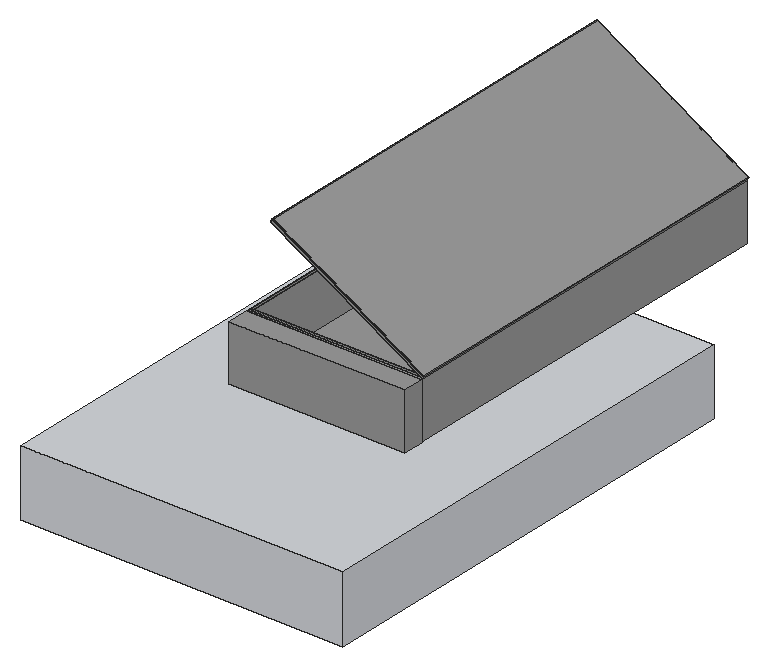
Revit family "Hager-Univers-IP55-D275-H1950-Cl.II-Steel_encl-BE-en", category Equipement électrique, Revit 2020
Family settings
  Hôte = Face
  Configuration du panneau = Deux colonnes, circuits au sein
  Cote de connecteur circulaire = Utiliser le diamètre
  Type d'élément = Tableau de raccordement
  Couper avec des vides une fois chargée = Non
  Partagée = Non
  Point de calcul de pièce = Non
Parameters (values of type "Floor installation IP55 W800 H1950 D275  - FR23S1")
  Width Control [instance] = if([EF000008 - Width] > Min Width, [EF000008 - Width], Min Width)  # 800 mm
  Commentaires du type = [HG000003 - Range]  # "Univers"
  Thickness Door [instance] = if([EF009171 - Material plate thickness door/cover] > 3 mm, 3 mm, [EF009171 - Material plate thickness door/cover])  # 1.5 mm
  Seal Frame Offset [instance] = 17 mm  # constant formula
  Plinth Visibility [instance] = [HG000027 - Plinth height] > 0 mm  # yes
  Model = ""
  Min Width [instance] = 100 mm  # constant formula
  Min Height [instance] = 100 mm  # constant formula
  Min Depth [instance] = (2 * [EF009170 - Material plate thickness cabinet]) + 1 mm  # 4 mm
  Internal Frame Depth [instance] = (Door System Depth * 0.5)  # 9 mm
  Height Control [instance] = if([EF000040 - Height] > Min Height, [EF000040 - Height], Min Height)  # 1950 mm
  HG000027 - Plinth height = 100 mm
  HG000026 - Floor standing = yes
  HG000024 - Bottom section height = 800 mm
  HG000023 - Double section enclosure = no
  HG000016 - Door 3d visibility [instance] = yes
  HG000015 - Clearance visibility [instance] = no
  HG000014 - Door on the right [instance] = yes
  HG000013 - Door on the left [instance] = not([HG000014 - Door on the right])  # no
  HG000012 - Door swing angle [instance] = 30.00°
  HG000010 - Asymmetric doors = no
  HG000009 - Double swing door = no
  HG000006 - Flush mounted = no
  HG000004 - Manufacturer reference = "FR23S1"
  HG000003 - Range = "Univers"
  HG000002 - With door or cover = yes
  Frame Offset Bottom [instance] = 10 mm  # constant formula
  Frame Offset [instance] = 15 mm  # constant formula
  EF015940 - Cover with overpressure release = no
  EF011959 - Degree of protection (NEMA) = ""
  EF009554 - Number of openings for flange plates = 6
  EF009212 - Cover model = "EV000116 - Closed"
  EF009171 - Material plate thickness door/cover = 1.5 mm
  EF009170 - Material plate thickness cabinet = 1.5 mm
  Fabricant = "Hager"  # constant formula
  EF008873 - Nominal current (In) = 800 A
  EF007800 - Suitable for lightning protection = no
  EF006306 - With lock = no
  EF006244 - Transparent cover/door = no
  EF005474 - Degree of protection (IP) = "EV006420 - IP55"
  EF004464 - Type of door = "EV002646 - Single"
  EF004427 - Number of modules = 432
  EF004293 - Impact strength = "EV008784 - IK10"
  EF003532 - Suitable for outdoor use = no
  EF002950 - Width in number of modular spacings = 24
  EF001613 - Circuit integrity = "EV000494 - None"
  EF001596 - Material housing = "EV000179 - Steel"
  EF001131 - Internal depth = 275 mm
  EF001088 - Extension possible = yes
  EF000437 - Number of conduit inlets = 6
  EF000339 - Type of cover = "EV004216 - Door"
  EF000266 - Number of rows = 12
  EF000218 - Built-in depth = 0 mm
  EF000118 - With mounting plate = no
  EF000116 - RAL-number = "7035"
  EF000049 - Depth = 275 mm
  EF000040 - Height = 1950 mm
  EF000008 - Width = 800 mm
  EF000007 - Colour = "EV000270 - Grey"
  EF000003 - Mounting method = "EV012274 - Floor installation"
  Door System Leaf Tolerance [instance] = 1.5 mm  # constant formula
  Door System Depth [instance] = 18 mm  # constant formula
  Door Height [instance] = Height Control - [HG000027 - Plinth height]  # 1850 mm
  Depth Control [instance] = if([EF000049 - Depth] > Min Depth, [EF000049 - Depth], Min Depth)  # 275 mm
  Default Elevation = 0 mm
  Connector Offset [instance] = Height Control / 2  # 975 mm
  Bottom Top Plate Trim [instance] = 1.5 mm  # constant formula
  Plinth height Ctrl [instance] = if([HG000027 - Plinth height] > 0 mm, [HG000027 - Plinth height], 12 mm)  # 100 mm
Types (11, lengths in mm): name | Width Control | HG000010 - Asymmetric doors | HG000009 - Double swing door | HG000004 - Manufacturer reference | EF009554 - Number of openings for flange plates | EF006244 - Transparent cover/door | EF004464 - Type of door | EF004427 - Number of modules | EF000437 - Number of conduit inlets | EF000008 - Width
  Floor installation IP55 W1050 H1950 D275  - FR24L1 | 1050 | yes | yes | "FR24L1" | 8 | yes | "EV003602 - Double" | 576 | 8 | 1050
  Floor installation IP55 W1050 H1950 D275  - FR24S1 | 1050 | yes | yes | "FR24S1" | 8 | no | "EV003602 - Double" | 576 | 8 | 1050
  Floor installation IP55 W1300 H1950 D275  - FR25L1 | 1300 | yes | yes | "FR25L1" | 10 | yes | "EV003602 - Double" | 720 | 10 | 1300
  Floor installation IP55 W1300 H1950 D275  - FR25S1 | 1300 | yes | yes | "FR25S1" | 10 | no | "EV003602 - Double" | 720 | 10 | 1300
  Floor installation IP55 W1550 H1950 D275  - FR26L1 | 1550 | yes | yes | "FR26L1" | 12 | yes | "EV003602 - Double" | 864 | 12 | 1550
  Floor installation IP55 W1550 H1950 D275  - FR26S1 | 1550 | yes | yes | "FR26S1" | 12 | no | "EV003602 - Double" | 864 | 12 | 1550
  Floor installation IP55 W300 H1950 D275  - FR21S1 | 300 | no | no | "FR21S1" | 2 | no | "EV002646 - Single" | 144 | 2 | 300
  Floor installation IP55 W550 H1950 D275  - FR22L1 | 550 | no | no | "FR22L1" | 4 | yes | "EV002646 - Single" | 288 | 4 | 550
  Floor installation IP55 W550 H1950 D275  - FR22S1 | 550 | no | no | "FR22S1" | 4 | no | "EV002646 - Single" | 288 | 4 | 550
  Floor installation IP55 W800 H1950 D275  - FR23L1 | 800 | no | no | "FR23L1" | 6 | yes | "EV002646 - Single" | 432 | 6 | 800
  Floor installation IP55 W800 H1950 D275  - FR23S1 | 800 | no | no | "FR23S1" | 6 | no | "EV002646 - Single" | 432 | 6 | 800
Reference planes
  plane 1 "Center (Front/Back)": y = 0
  plane 2: z = 0
  plane 3 "Center (Left/Right)": x = 0
  plane 4: z = 275
  plane 5: y = 101.5
  plane 6: y = 1025
  plane 7: y = 100
  plane 8: y = 1950
  plane 9: z = 0
  plane 10: x = -385
  plane 11: x = 385
  plane 12: x = 383.5
  plane 13: x = -383.5
  plane 14: y = 1948.5
  plane 15: x = -383
  plane 16: x = -400
  plane 17: x = 383
  plane 18: x = 400
  plane 19: x = 398.5
  plane 20: x = -398.5
  plane 21: y = 111.5
  plane 22: y = 1950
  plane 23: y = 1933.5
  plane 24: z = 257
  plane 25: z = 1.5
  plane 26: z = 255.5
  plane 27: z = 273.5
Forms (mm)
  Extrusion 1, solid
    sketch origin (0, 0, 0) x (1, 0, 0) y (0, 1, 0)
      loop
        line (-702.964, 1305) -> (-702.964, -811.445) -> (766.763, -811.445) -> (766.763, 1305) -> (-702.964, 1305)
    from 0 to -304.8
  Extrusion 2, solid, material "Hager_Steel_RAL7035_Light_Grey", visible <- "Plinth Visibility", detail levels medium+fine
    sketch origin (0, 0, 0) x (1, 0, 0) y (0, 1, 0)
      loop
        line (-400, 0) -> (400, 0) -> (400, 100) -> (-400, 100) -> (-400, 0)
    from 0 to 257
  Extrusion 3, solid, material "Hager_Steel_RAL7035_Light_Grey", detail levels medium+fine
    sketch origin (0, 0, 0) x (1, 0, 0) y (0, 1, 0)
      loop
        line (-400, 100) -> (400, 100) -> (400, 1950) -> (-400, 1950) -> (-400, 100)
    from 0 to 257
  Extrusion 4, void
    sketch origin (0, 0, 0) x (1, 0, 0) y (0, 1, 0)
      loop
        line (-398.5, 101.5) -> (398.5, 101.5) -> (398.5, 1948.5) -> (-398.5, 1948.5) -> (-398.5, 101.5)
    from 1.5 to 255.5
  Extrusion 5, void
    sketch origin (-381.607, -4572, 257) x (0, -1, 0) y (-1, 0, 0)
      loop
        line (-4683.5, 1.893) -> (-6505.5, 1.893) -> (-6505.5, -765.107) -> (-4683.5, -765.107) -> (-4683.5, 1.893)
    from 0 to 1.5 <- "EF009170 - Material plate thickness cabinet"
  Extrusion 6, solid, material "Hager_Steel_RAL7035_Light_Grey", detail levels fine
    sketch origin (0, 0, 257) x (1, 0, 0) y (0, 1, 0)
      loop
        line (-383.5, 1933.5) -> (-383.5, 111.5) -> (383.5, 111.5) -> (383.5, 1933.5) -> (-383.5, 1933.5)
      loop
        line (-385, 110) -> (385, 110) -> (385, 1935) -> (-385, 1935) -> (-385, 110)
    from 0 to 9 <- "Internal Frame Depth"
  Extrusion 7, solid, material "Hager_Steel_RAL7035_Light_Grey", detail levels coarse
    sketch origin (0, 0, 0) x (1, 0, 0) y (0, 1, 0)
      loop
        line (-400, 0) -> (400, 0) -> (400, 1950) -> (-400, 1950) -> (-400, 0)
    from 0 to 275
  Sweep 8, void
    path in 3D
      loop
        line (-400, 100, 0) -> (400, 100, 0) -> (400, 100, 257) -> (-400, 100, 257) -> (-400, 100, 0)
    profile origin (-400, 100, 128.5) x (-1, 0, 0) y (0, -1, 0)
      loop
        line (0, 0) -> (0, 1.5) -> (-1.5, 1.5)
        arc (-1.5, 1.5) -> (-1.061, 0.439) -> (0, 0) r 1.5
Cuts and joins
  Extrusion 4, Extrusion 5 cuts Extrusion 3
  Sweep 8 cuts Extrusion 2
Lines and regions (mm)
  Masking region 1
    outline origin (0, 0, 0) x (1, 0, 0) y (0, 0, 1)
      loop
        line (-400, 275) -> (-400, 0) -> (400, 0) -> (400, 275) -> (-400, 275)
  Masking region 2, detail levels medium+fine
    outline origin (0, 140, 0) x (0, 1, 0) y (0, 0, 1)
      loop
        line (-40, 0) -> (1810, 0) -> (1810, 257) -> (-40, 257) -> (-40, 0)
  Masking region 3, not visible, detail levels medium+fine
    outline origin (0, 297.922, 0) x (0, 1, 0) y (0, 0, 1)
      loop
        line (738.578, 0) -> (778.578, 0) -> (778.578, 263.5)
        arc (778.578, 263.5) -> (775.649, 270.571) -> (768.578, 273.5) r 10
        line (768.578, 273.5) -> (738.578, 273.5) -> (738.578, 0)
  Masking region 4, detail levels coarse
    outline origin (0, 0, 180) x (0, 1, 0) y (0, 0, 1)
      loop
        line (0, -180) -> (1950, -180) -> (1950, 95) -> (0, 95) -> (0, -180)
  Masking region 5, visible <- "Plinth Visibility", detail levels medium+fine
    outline origin (0, 52.24, 12.345) x (0, 0, -1) y (0, 1, 0)
      loop
        line (10.845, 47.76) -> (-243.155, 47.76)
        arc (-243.155, 47.76) -> (-243.594, 46.699) -> (-244.655, 46.26) r 1.5
        line (-244.655, 46.26) -> (-244.655, -52.24) -> (12.345, -52.24) -> (12.345, 46.26)
        arc (12.345, 46.26) -> (11.285, 46.699) -> (10.845, 47.76) r 1.5
  Masking region 6, detail levels medium+fine
    outline origin (-381.607, -4572, 257) x (-1, 0, 0) y (0, -1, 0)
      loop
        line (18.393, -6522) -> (18.393, -4672) -> (-781.607, -4672) -> (-781.607, -6522) -> (18.393, -6522)
  Masking region 7, visible <- "Plinth Visibility", detail levels medium+fine
    outline origin (-381.607, -4727, 257) x (-1, 0, 0) y (0, -1, 0)
      loop
        arc (16.893, -4827) -> (17.332, -4825.939) -> (18.393, -4825.5) r 1.5
        line (18.393, -4825.5) -> (18.393, -4727) -> (-781.607, -4727) -> (-781.607, -4825.5)
        arc (-781.607, -4825.5) -> (-780.546, -4825.939) -> (-780.107, -4827) r 1.5
        line (-780.107, -4827) -> (16.893, -4827)
  Masking region 8, detail levels coarse
    outline origin (-442.548, -4669.526, 257) x (-1, 0, 0) y (0, -1, 0)
      loop
        line (-42.548, -6619.526) -> (-42.548, -4669.526) -> (-842.548, -4669.526) -> (-842.548, -6619.526) -> (-42.548, -6619.526)
  sketch lines
    curve 1: line (-400, 100, 257) -> (-400, 100, 0)
    curve 2: line (400, 100, 257) -> (-400, 100, 257)
    curve 3: line (400, 100, 257) -> (400, 100, 0)
    curve 4: line (-400, 100, 0) -> (400, 100, 0)
Dimensions and locks
  "Depth Control": plane 4 to Extrusion 1
  "HG000027 - Plinth height": plane 1 "Center (Front/Back)" to plane 7
  "EF009170 - Material plate thickness cabinet": plane 5 to plane 7
  locked: connector elem to plane 3 "Center (Left/Right)"
  equal spacing: plane 8, plane 6, plane 7
  locked: connector elem to plane 6
  "EF009170 - Material plate thickness cabinet": plane 8 to plane 14
  "EF009170 - Material plate thickness cabinet": plane 10 to plane 13
  "EF009170 - Material plate thickness cabinet": plane 12 to plane 11
  "Frame Offset": plane 20 to plane 13
  "Frame Offset": plane 12 to plane 19
  "EF009170 - Material plate thickness cabinet": plane 16 to plane 20
  "EF009170 - Material plate thickness cabinet": plane 19 to plane 18
  "Seal Frame Offset": plane 16 to plane 15
  "Seal Frame Offset": plane 17 to plane 18
  "Frame Offset Bottom": plane 21 to plane 5
  "Frame Offset": plane 14 to plane 23
  equal spacing: plane 16, plane 3 "Center (Left/Right)", plane 18
  "Width Control": plane 16 to plane 18
  "EF009170 - Material plate thickness cabinet": plane 4 to plane 27
  "EF009170 - Material plate thickness cabinet": plane 24 to plane 26
  "EF009170 - Material plate thickness cabinet": plane 25 to level
  "Door System Depth": plane 4 to plane 24
  "Height Control": plane 1 "Center (Front/Back)" to Extrusion 7 sketch curve
  "Height Control": Masking region 4 sketch curve to plane 1 "Center (Front/Back)"
  "Height Control": plane 1 "Center (Front/Back)" to plane 22
  "Bottom Top Plate Trim": profile plane to Sweep 8 sketch curve
  "Bottom Top Plate Trim": Sweep 8 sketch curve to profile plane
  "Plinth height Ctrl": plane 1 "Center (Front/Back)" to Extrusion 2 sketch curve
  "Plinth height Ctrl": Masking region 5 sketch curve to plane 1 "Center (Front/Back)"
  "Plinth height Ctrl": plane 1 "Center (Front/Back)" to Masking region 7 sketch curve
  "Thickness Door": Extrusion 6 sketch curve to Extrusion 6 sketch curve  (x3)
  "Thickness Door": cut or joined group of Extrusion 3, Extrusion 4, Extrusion 5 to Extrusion 6 sketch curve
  radius of Masking region 3 sketch curve = 10 mm
  "Bottom Top Plate Trim": radius of Masking region 5 sketch curve  (x2)
  "Bottom Top Plate Trim": radius of Sweep 8 sketch curve
  "Bottom Top Plate Trim": radius of Masking region 7 sketch curve  (x2)
  aligned and locked: plane 2 to Extrusion 1
  aligned and locked: level to Extrusion 1
  aligned and locked: level to Masking region 1 sketch curve
  aligned and locked: Masking region 1 sketch curve to plane 18
  aligned and locked: Masking region 1 sketch curve to plane 16
  aligned and locked: plane 7 to Masking region 2 sketch curve
  aligned and locked: level to Masking region 3 sketch curve
  aligned and locked: Masking region 3 sketch curve to plane 27
  aligned and locked: level to Masking region 2 sketch curve
  aligned and locked: plane 1 "Center (Front/Back)" to Extrusion 2 sketch curve
  aligned and locked: Extrusion 3 sketch curve to plane 7
  aligned and locked: plane 16 to Extrusion 3 sketch curve
  aligned and locked: plane 18 to Extrusion 3 sketch curve
  aligned and locked: plane 20 to Extrusion 4 sketch curve
  aligned and locked: plane 19 to Extrusion 4 sketch curve
  aligned and locked: Extrusion 4 sketch curve to plane 5
  aligned and locked: Extrusion 4 to plane 25
  aligned and locked: plane 26 to Extrusion 4
  aligned and locked: plane 24 to Extrusion 3
  aligned and locked: Extrusion 5 sketch curve to plane 21
  aligned and locked: Extrusion 5 sketch curve to plane 13
  aligned and locked: Extrusion 5 sketch curve to plane 12
  aligned and locked: plane 18 to Extrusion 7 sketch curve
  aligned and locked: plane 1 "Center (Front/Back)" to Extrusion 7 sketch curve
  aligned and locked: plane 16 to Extrusion 7 sketch curve
  aligned and locked: plane 4 to Extrusion 7
  aligned and locked: Extrusion 7 to level
  aligned and locked: level to Masking region 4 sketch curve
  aligned and locked: Masking region 4 sketch curve to plane 1 "Center (Front/Back)"
  aligned and locked: Masking region 4 sketch curve to plane 4
  aligned and locked: nested 1 to level
  aligned and locked: nested 1 to plane 16
  aligned and locked: plane 8 to Extrusion 3 sketch curve
  aligned and locked: plane 23 to Extrusion 5 sketch curve
  aligned and locked: plane 14 to Extrusion 4 sketch curve
  aligned and locked: Masking region 2 sketch curve to plane 8
  aligned and locked: level to Masking region 5 sketch curve
  aligned and locked: plane 16 to Extrusion 2 sketch curve
  aligned and locked: plane 18 to Extrusion 2 sketch curve
  aligned and locked: Masking region 5 sketch curve to plane 24
  aligned and locked: Masking region 2 sketch curve to plane 24
  aligned and locked: plane 24 to Extrusion 2
  aligned and locked: profile plane to Sweep 8 sketch curve  (x2)
  aligned and locked: Masking region 6 sketch curve to plane 18
  aligned and locked: Masking region 6 sketch curve to plane 22
  aligned and locked: Masking region 6 sketch curve to plane 16
  aligned and locked: plane 8 to plane 22
  aligned and locked: Masking region 6 sketch curve to plane 7
  aligned and locked: Masking region 7 sketch curve to plane 16
  aligned and locked: Masking region 7 sketch curve to plane 1 "Center (Front/Back)"
  aligned and locked: Masking region 7 sketch curve to plane 18
  aligned and locked: Masking region 8 sketch curve to plane 1 "Center (Front/Back)"
  aligned and locked: Masking region 8 sketch curve to plane 18
  aligned and locked: Masking region 8 sketch curve to plane 22
  aligned and locked: Masking region 8 sketch curve to plane 16
  aligned and locked: nested 2 to plane 7
  aligned and locked: plane 3 "Center (Left/Right)" to nested 2
  aligned and locked: nested 2 to plane 24
  aligned and locked: Extrusion 6 sketch curve to cut or joined group of Extrusion 3, Extrusion 4, Extrusion 5  (x4)
Automatic sketch dimensions
  Extrusion 1 sketch curve to Extrusion 1 sketch curve = 1469.727 mm
  Extrusion 1 sketch curve to Extrusion 1 sketch curve = 2116.445 mm
  Masking region 1 sketch curve to plane 4 = 0 mm
  plane 6 to Masking region 3 sketch curve = 11.5 mm
  Masking region 3 sketch curve to Masking region 3 sketch curve = 30 mm
  Masking region 5 sketch curve to plane 1 "Center (Front/Back)" = 0 mm
Nested families
  nested 1: "Hager_Enclosure_Symbol" at (-400, 0, 0) x (1, 0, 0) z (0, -1, 0), Height <- "Depth Control", Width <- "Width Control", type "Hager_Enclosure_Symbol"
    with Width_Ctrl 800 mm, Width 800 mm, Height_Ctrl 275 mm, Height 275 mm, A_Width_Int 18.047 mm, A_Width 216.562 mm, A_Height_Ctrl 240.625 mm, A_Height 240.625 mm
  nested 2: "EC000058_Univers_Door" at (0, 100, 257) x (1, 0, 0) z (0, 1, 0), Leaf_Tolerance <- "Door System Leaf Tolerance", Angle <- "HG000012 - Door swing angle", Door_Depth <- "Door System Depth", Door_Left <- "HG000013 - Door on the left", Transparent <- "EF006244 - Transparent cover/door", Assymetrical <- "HG000010 - Asymmetric doors", Width <- "Width Control", Clearance <- "HG000015 - Clearance visibility", Double <- "HG000009 - Double swing door", 3d_Door <- "HG000016 - Door 3d visibility", Lock_Visibility <- "EF006306 - With lock", Width_Ctrl <- "Width Control", Door_Right <- "HG000014 - Door on the right", Door <- "HG000002 - With door or cover", Height <- "Door Height", Thickness <- "Thickness Door", type "EC000058_Univers_Door", detail levels medium+fine
    with min_wh 4 mm, Width_Ctrl 800 mm, Width 800 mm, Transparent no, Thickness 1.5 mm, Seal_Material Hager_Rubber, Lock_Visibility no, Lock_Material Hager_Plastic_RAL9005_Jet_Black, Leaf_Width 800 mm, Leaf_Tolerance_External_Sides 0 mm, Leaf_Tolerance 1.5 mm, Leaf_Offset 0 mm, Leaf_Height 1847 mm, Leaf_2_Width 800 mm, Leaf_2_Offset 400 mm, Leaf_1_Width 800 mm, Leaf_1_Offset 400 mm, Height_Ctrl 1850 mm, Height 1850 mm, Glass_Material Hager_Glass, Double_Clearance_Ctrl no, Double no, Door_Right_Ctrl yes, Door_Right yes, Door_Material Hager_Steel_RAL7035_Light_Grey, Door_Left_Ctrl no, Door_Left no, Door_Depth 18 mm, Door yes, Clearance_Material Hager_Clearance, Clearance_Depth 800 mm, Clearance_Ctrl no, Clearance no, Assymetrical no, Angle 30.00°, 3d_Door yes
Connectors
  electrical at (0, 1025, 0)
    settings: on plane 9, index 1, voltage 0 V, apparent load 0 VA, apparent load phase1 0 VA, apparent load phase2 0 VA, apparent load phase3 0 VA, power factor 1, load classification "Other", number of poles 1, system type 30, power factor state 1, is connector primary yes, connector utility no, sub classification motor no, connector description ""
Definition of nested family "EC000058_Univers_Door"
  Parameters (values of type "EC000058_Univers_Door")
    min_wh [instance] = (2 * Thickness) + 1 mm  # 11 mm
    Width_Ctrl [instance] = 400 mm
    Width [instance] = 500 mm
    Transparent [instance] = yes
    Thickness [instance] = 5 mm
    Seal_Material [instance] = none
    Lock_Visibility [instance] = yes
    Lock_Material [instance] = none
    Leaf_Width [instance] = if((Width_Ctrl - 2 * Leaf_Tolerance_External_Sides) > 0 mm, (Width_Ctrl - 2 * Leaf_Tolerance_External_Sides), min_wh)  # 400 mm
    Leaf_Tolerance_External_Sides [instance] = 0 mm  # constant formula
    Leaf_Tolerance [instance] = 1.5 mm
    Leaf_Offset [instance] = 0 mm  # constant formula
    Leaf_Height [instance] = if((Height_Ctrl - 2 * Leaf_Tolerance) > 0 mm, (Height_Ctrl - 2 * Leaf_Tolerance), min_wh)  # 497 mm
    Leaf_2_Width [instance] = if(and(and(Double, Assymetrical), Door_Left), (Leaf_Width / 3) - (Leaf_Tolerance / 2), if(and(and(Double, Assymetrical), Door_Right), (Leaf_Width / 3) * 2 - (Leaf_Tolerance / 2), if(and(Double, not(Assymetrical)), (Leaf_Width / 2) - Leaf_Tolerance, Leaf_Width)))  # 400 mm
    Leaf_2_Offset [instance] = if(and(Double, Assymetrical), Leaf_2_Width / 2, if(and(Double, not(Assymetrical)), Leaf_Width / 4, Leaf_Width / 2))  # 200 mm
    Leaf_1_Width [instance] = if(and(and(Double, Assymetrical), Door_Right), (Leaf_Width / 3) - (Leaf_Tolerance / 2), if(and(and(Double, Assymetrical), Door_Left), (Width / 3) * 2 - (Leaf_Tolerance / 2), if(and(Double, not(Assymetrical)), (Leaf_Width / 2) - Leaf_Tolerance, Leaf_Width)))  # 400 mm
    Leaf_1_Offset [instance] = if(and(Double, Assymetrical), Leaf_1_Width / 2, if(and(Double, not(Assymetrical)), Leaf_Width / 4, Leaf_Width / 2))  # 200 mm
    Height_Ctrl [instance] = if(Height > min_wh, Height, min_wh)  # 500 mm
    Height [instance] = 500 mm
    Glass_Material [instance] = none
    Double_Clearance_Ctrl [instance] = and(Double, Clearance)  # no
    Double [instance] = no
    Door_Right_Ctrl [instance] = and(or(Door_Right, Double), Door)  # yes
    Door_Right [instance] = yes
    Door_Material [instance] = none
    Door_Left_Ctrl [instance] = and(or(Door_Left, Double), Door)  # no
    Door_Left [instance] = no
    Door_Depth [instance] = 30 mm
    Door [instance] = yes
    Default Elevation = 1219.2 mm
    Clearance_Material [instance] = none
    Clearance_Depth [instance] = if(Leaf_1_Width > Leaf_2_Width, Leaf_1_Width, Leaf_2_Width)  # 400 mm
    Clearance_Ctrl [instance] = and(not(Double), Clearance)  # yes
    Clearance [instance] = yes
    Assymetrical [instance] = yes
    Angle [instance] = 30.00°
    3d_Door [instance] = yes
  Reference planes
    plane 1 "Center (Front/Back)": y = 0
    plane 2 "Bottom": z = 0
    plane 3 "Center (Left/Right)": x = 0
    plane 4: z = 500
    plane 5: x = -200
    plane 6: x = 200
    plane 7: z = 500
    plane 8: x = -200
    plane 9: z = 0
    plane 10: x = 200
    plane 11: y = 0
    plane 12: z = 1.5
    plane 13: x = -600
    plane 14: y = -400
    plane 15: x = 600
    plane 16: x = 0
    plane 17: x = 0
    plane 18: x = -200
    plane 19: x = 200
    plane 20: z = 498.5
  Forms (mm)
    Extrusion 1, solid, material <- "Clearance_Material", visible <- "Double_Clearance_Ctrl"
      sketch origin (1200, 0, 0) x (1, 0, 0) y (0, 0, -1)
        loop
          line (-1800, -498.5) -> (-600, -498.5) -> (-600, 0) -> (-1800, 0) -> (-1800, -498.5)
      from 0 to -400
  Dimensions and locks
    equal spacing: plane 5, plane 3 "Center (Left/Right)", plane 6
    "Width_Ctrl": plane 5 to plane 6
    "Leaf_Offset": plane 5 to plane 8
    "Leaf_Offset": plane 6 to plane 10
    "Leaf_Offset": plane 9 to level
    "Leaf_Offset": plane 4 to plane 7
    "Height_Ctrl": plane 4 to level
    "Leaf_Tolerance": plane 12 to plane 9
    locked: plane 11 to plane 1 "Center (Front/Back)"
    "Leaf_1_Offset": plane 18 to plane 16
    "Leaf_2_Offset": plane 17 to plane 19
    "Leaf_1_Width": plane 13 to plane 8
    "Leaf_2_Width": plane 10 to plane 15
    "Clearance_Depth": plane 14 to plane 1 "Center (Front/Back)"
    "Leaf_Tolerance_External_Sides": plane 8 to plane 18
    "Leaf_Tolerance_External_Sides": plane 19 to plane 10
    "Leaf_Tolerance": plane 7 to plane 20
    aligned and locked: level to plane 2 "Bottom"
    aligned and locked: nested 1 to plane 16
    aligned and locked: nested 2 to plane 17
    aligned and locked: Extrusion 1 to plane 13
    aligned and locked: plane 15 to Extrusion 1
    aligned and locked: Extrusion 1 to plane 14
    aligned and locked: plane 12 to nested 1
    aligned and locked: nested 2 to plane 12
    aligned and locked: Extrusion 1 to plane 11
    aligned and locked: plane 20 to Extrusion 1
    aligned and locked: nested 2 to plane 11
    aligned and locked: nested 1 to plane 11
  Automatic sketch dimensions
    Extrusion 1 sketch curve to level = 0 mm
    plane 5 to Extrusion 1 sketch curve = 400 mm
    plane 6 to Extrusion 1 sketch curve = 400 mm
    Extrusion 1 sketch curve to plane 4 = 1.5 mm
  Nested families
    nested 1: "EC000058_Univers_Door_Leaf" at (0, 0, 1.5), Width <- "Leaf_1_Width", visible <- "Door_Left_Ctrl", Leaf_Height <- "Leaf_Height", Angle <- "Angle", 3d_Door <- "3d_Door", Transparent <- "Transparent", Clearance Material <- "Clearance_Material", Clearance <- "Clearance_Ctrl", Door_Material <- "Door_Material", Glass_Material <- "Glass_Material", Door_Depth <- "Door_Depth", Lock_Material <- "Lock_Material", Seal_Material <- "Seal_Material", Lock_Visibility <- "Lock_Visibility", Thickness <- "Thickness", type "EC000058_Univers_Door_Leaf"
      with Width 400 mm, Transparent_Glass_Offset 30 mm, Transparent_Ctrl yes, Transparent yes, Thickness 5 mm, Standard no, Seal_Material none, Seal_D2 8 mm, Seal_D1 1 mm, Offset_Internal_Frame 10 mm, Lock_Width 20 mm, Lock_Visibility_3d yes, Lock_Visibility yes, Lock_Thickness_3 3 mm, Lock_Thickness_2 1 mm, Lock_Thickness_1 3 mm, Lock_Radius_Offset_2 16 mm, Lock_Radius_Offset_1 15 mm, Lock_Radius_2 5 mm, Lock_Radius 6 mm, Lock_Offset 5 mm, Lock_Material none, Lock_Height 80 mm, Lock_Cover_Top_Offset_2d 17 mm, Lock_Cover_Height -65 mm, Leaf_Height 497 mm, Internal_Seal_Thickness 8 mm, Internal_Seal_Depth_2 4.5 mm, Internal_Frame_Depth 25 mm, Glass_Thickness -1 mm, Glass_Offset -2 mm, Glass_Material none, Door_Material none, Door_Depth 30 mm, Clearance Material none, Clearance yes, Angle_Ctrl 30.00°, Angle 30.00°, 3d_Door yes
    nested 2: "EC000058_Univers_Door_Leaf" at (0, 0, 1.5) x (-1, 0, 0) z (0, 0, 1), Width <- "Leaf_2_Width", visible <- "Door_Right_Ctrl", Leaf_Height <- "Leaf_Height", Angle <- "Angle", 3d_Door <- "3d_Door", Transparent <- "Transparent", Clearance Material <- "Clearance_Material", Clearance <- "Clearance_Ctrl", Door_Material <- "Door_Material", Glass_Material <- "Glass_Material", Door_Depth <- "Door_Depth", Lock_Material <- "Lock_Material", Seal_Material <- "Seal_Material", Lock_Visibility <- "Lock_Visibility", Thickness <- "Thickness", type "EC000058_Univers_Door_Leaf"
      with Width 400 mm, Transparent_Glass_Offset 30 mm, Transparent_Ctrl yes, Transparent yes, Thickness 5 mm, Standard no, Seal_Material none, Seal_D2 8 mm, Seal_D1 1 mm, Offset_Internal_Frame 10 mm, Lock_Width 20 mm, Lock_Visibility_3d yes, Lock_Visibility yes, Lock_Thickness_3 3 mm, Lock_Thickness_2 1 mm, Lock_Thickness_1 3 mm, Lock_Radius_Offset_2 16 mm, Lock_Radius_Offset_1 15 mm, Lock_Radius_2 5 mm, Lock_Radius 6 mm, Lock_Offset 5 mm, Lock_Material none, Lock_Height 80 mm, Lock_Cover_Top_Offset_2d 17 mm, Lock_Cover_Height -65 mm, Leaf_Height 497 mm, Internal_Seal_Thickness 8 mm, Internal_Seal_Depth_2 4.5 mm, Internal_Frame_Depth 25 mm, Glass_Thickness -1 mm, Glass_Offset -2 mm, Glass_Material none, Door_Material none, Door_Depth 30 mm, Clearance Material none, Clearance yes, Angle_Ctrl 30.00°, Angle 30.00°, 3d_Door yes
  Definition of nested family "EC000058_Univers_Door_Leaf"
    Parameters (values of type "EC000058_Univers_Door_Leaf")
      Width [instance] = 2000 mm
      Transparent_Glass_Offset [instance] = 30 mm
      Transparent_Ctrl [instance] = and(Transparent, [3d_Door])  # yes
      Transparent [instance] = yes
      Thickness [instance] = 5 mm
      Standard [instance] = and(not(Transparent), [3d_Door])  # no
      Seal_Material [instance] = none
      Seal_D2 [instance] = 8 mm  # constant formula
      Seal_D1 [instance] = 1 mm  # constant formula
      Offset_Internal_Frame [instance] = 10 mm  # constant formula
      Lock_Width [instance] = 20 mm  # constant formula
      Lock_Visibility_3d [instance] = and(Lock_Visibility, [3d_Door])  # yes
      Lock_Visibility [instance] = yes
      Lock_Thickness_3 [instance] = 3 mm  # constant formula
      Lock_Thickness_2 [instance] = 1 mm  # constant formula
      Lock_Thickness_1 [instance] = 3 mm  # constant formula
      Lock_Radius_Offset_2 [instance] = Lock_Radius_Offset_1 + 1 mm  # 16 mm
      Lock_Radius_Offset_1 [instance] = 15 mm  # constant formula
      Lock_Radius_2 [instance] = Lock_Radius - 1 mm  # 5 mm
      Lock_Radius [instance] = 6 mm  # constant formula
      Lock_Offset [instance] = 5 mm  # constant formula
      Lock_Material [instance] = none
      Lock_Height [instance] = 80 mm  # constant formula
      Lock_Cover_Top_Offset_2d [instance] = Lock_Radius_Offset_2 + 1 mm  # 17 mm
      Lock_Cover_Height [instance] = -(Lock_Height - Lock_Radius_Offset_1)  # -65 mm
      Leaf_Height [instance] = 2720.336 mm
      Internal_Seal_Thickness [instance] = 8 mm  # constant formula
      Internal_Seal_Depth_2 [instance] = 4.5 mm  # constant formula
      Internal_Frame_Depth [instance] = if(Door_Depth - Thickness > 5 mm, Door_Depth - Thickness, 5 mm)  # 25 mm
      Glass_Thickness [instance] = if(Thickness > 15 mm, Glass_Offset + 10 mm, -1 mm)  # -1 mm
      Glass_Offset [instance] = if(Thickness > 15 mm, -(Thickness + 10 mm) / 2, -2 mm)  # -2 mm
      Glass_Material [instance] = none
      Door_Material [instance] = none
      Door_Depth [instance] = 30 mm
      Default Elevation = 0 mm
      Clearance Material [instance] = none
      Clearance [instance] = yes
      Angle_Ctrl [instance] = if(Angle > 180.00°, 180.00°, Angle)  # 90.00°
      Angle [instance] = 90.00°
      3d_Door [instance] = yes
    Reference planes
      plane 1 "Center (Front/Back)": y = 0
      plane 2: z = 0
      plane 3 "Center (Left/Right)": x = 0
      plane 4: y = 2000
      plane 5: x = -1000
      plane 6: x = 1000
      plane 7: x = -3000
      plane 8: z = 2720.336
      plane 9: z = 30
      plane 10: z = 2690.336
      plane 11: x = 970
      plane 12: x = -970
      plane 13: y = -3
      plane 14: z = 107.833
      plane 15: y = -5
      plane 16: y = -223.314
      plane 17: x = -1000
      plane 18: z = 1360.168
      plane 19: y = 30
    Forms (mm)
      Extrusion 1, solid, material <- "Clearance Material", visible <- "Clearance"
        sketch origin (0, 0, 0) x (1, 0, 0) y (0, 0, 1)
          loop
            line (-3000, 2720.336) -> (-3000, 0) -> (1000, 0) -> (1000, 2720.336) -> (-3000, 2720.336)
        from 0 to -2000
      Extrusion 2, solid, material <- "Door_Material", visible <- "Standard", detail levels medium+fine
        sketch origin (-1000, 0, 0) x (0, 1, 0) y (-1, 0, 0)
          loop
            line (0, 30) -> (0, 25) -> (2000, 25) -> (2000, 30) -> (0, 30)
        from 0 to 2720.336 <- "Leaf_Height"
      Extrusion 3, solid, material <- "Door_Material", visible <- "Transparent_Ctrl", detail levels medium+fine
        sketch origin (-1000, 0, 0) x (0, 1, 0) y (-1, 0, 0)
          loop
            line (0, 25) -> (2000, 25) -> (2000, 30) -> (0, 30) -> (0, 25)
        from 0 to 2720.336 <- "Leaf_Height"
      Extrusion 4, void
        sketch origin (-1025, 2000, 0) x (0, 1, 0) y (0, 0, -1)
          loop
            line (-30, -2690.336) -> (-30, -30) -> (-1970, -30) -> (-1970, -2690.336) -> (-30, -2690.336)
        from 0 to 5 <- "Thickness"
      Sweep 5, solid, material <- "Seal_Material", visible <- "Transparent_Ctrl", detail levels fine
        path in 3D
          loop
            line (-1025, 30, 30) -> (-1025, 30, 2690.336) -> (-1025, 1970, 2690.336) -> (-1025, 1970, 30) -> (-1025, 30, 30)
        profile origin (-1025, 1000, 30) x (1, 0, 0) y (0, 0, 1)
          loop
            line (0, 0) -> (0, -8) -> (1, -8) -> (1, 0) -> (0, 0)
      Extrusion 6, solid, material <- "Glass_Material", visible <- "Transparent_Ctrl", detail levels medium+fine
        sketch origin (-1030, 0, 0) x (0, 1, 0) y (0, 0, -1)
          loop
            line (1970, -2690.336) -> (1970, -30) -> (30, -30) -> (30, -2690.336) -> (1970, -2690.336)
        from -2 <- "Glass_Offset" to -1 <- "Glass_Thickness"
      Extrusion 7, solid, material <- "Door_Material", visible <- "3d_Door", detail levels medium+fine
        sketch origin (-1025, 2000, 0) x (0, -1, 0) y (0, 0, -1)
          loop
            line (0, -2720.336) -> (2000, -2720.336) -> (2000, 0) -> (0, 0) -> (0, -2720.336)
          loop
            line (1995, -5) -> (5, -5) -> (5, -2715.336) -> (1995, -2715.336) -> (1995, -5)
        from 0 to 25 <- "Internal_Frame_Depth"
      Sweep 8, solid, material <- "Seal_Material", visible <- "Transparent_Ctrl", detail levels fine
        path in 3D
          loop
            line (-1025, 0, 0) -> (-1025, 2000, 0) -> (-1025, 2000, 2720.336) -> (-1025, 0, 2720.336) -> (-1025, 0, 0)
        profile origin (-1025, 0, 1360.168) x (1, 0, 0) y (0, 1, 0)
          loop
            line (0, 10) -> (2.975, 10)
            arc (2.975, 10) -> (4.053, 10.447) -> (4.5, 11.525) r 1.525
            line (4.5, 11.525) -> (4.5, 16.527)
            arc (4.5, 16.527) -> (4.069, 17.569) -> (3.027, 18) r 1.473
            line (3.027, 18) -> (0, 18) -> (0, 10)
      Extrusion 9, solid, material <- "Lock_Material", visible <- "Lock_Visibility_3d", detail levels fine
        sketch origin (-1030, 0, 0) x (0, 1, 0) y (0, 0, -1)
          loop
            arc (1993.5, -1400.168) -> (1994.561, -1399.729) -> (1995, -1398.668) r 1.5
            line (1995, -1398.668) -> (1995, -1320.168) -> (1975, -1320.168) -> (1975, -1398.668)
            arc (1975, -1398.668) -> (1975.439, -1399.729) -> (1976.5, -1400.168) r 1.5
            line (1976.5, -1400.168) -> (1993.5, -1400.168)
        from 3 <- "Lock_Thickness_1" to 0
      Blend 10, solid, material <- "Lock_Material", visible <- "Lock_Visibility_3d", detail levels fine
        base sketch origin (-1033, 0, 0) x (0, 1, 0) y (0, 0, -1)
          loop
            line (1975, -1320.168) -> (1975, -1398.668)
            arc (1975, -1398.668) -> (1975.439, -1399.729) -> (1976.5, -1400.168) r 1.5
            line (1976.5, -1400.168) -> (1993.5, -1400.168)
            arc (1993.5, -1400.168) -> (1994.561, -1399.729) -> (1995, -1398.668) r 1.5
            line (1995, -1398.668) -> (1995, -1320.168) -> (1975, -1320.168)
        top sketch origin (-1033, 0, 0) x (0, 1, 0) y (0, 0, -1)
          loop
            line (1976, -1320.168) -> (1976, -1398.668)
            arc (1976, -1398.668) -> (1976.146, -1399.022) -> (1976.5, -1399.168) r 0.5
            line (1976.5, -1399.168) -> (1993.5, -1399.168)
            arc (1993.5, -1399.168) -> (1993.854, -1399.022) -> (1994, -1398.668) r 0.5
            line (1994, -1398.668) -> (1994, -1320.168) -> (1976, -1320.168)
        from 0 to 1 <- "Lock_Thickness_2"
      Blend 11, solid, material <- "Lock_Material", visible <- "Lock_Visibility_3d", detail levels fine
        base sketch origin (-1034, 0, 0) x (0, 1, 0) y (0, 0, -1)
          loop
            line (1978, -1320.168) -> (1978, -1384.168)
            arc (1978, -1384.168) -> (1985, -1391.168) -> (1992, -1384.168) r 7
            line (1992, -1384.168) -> (1992, -1320.168) -> (1978, -1320.168)
        top sketch origin (-1034, 0, 0) x (0, 1, 0) y (0, 0, -1)
          loop
            line (1991, -1320.168) -> (1979, -1320.168) -> (1979, -1383.168)
            arc (1979, -1383.168) -> (1985, -1389.168) -> (1991, -1383.168) r 6
            line (1991, -1383.168) -> (1991, -1320.168)
        from 0 to 3 <- "Lock_Thickness_3"
      Extrusion 12, solid, material <- "Lock_Material", visible <- "Lock_Visibility_3d", detail levels fine
        sketch origin (-1030, 1975, 1320.168) x (1, 0, 0) y (0, -1, 0)
          loop
            line (-7, -19) -> (-7, -1) -> (0, -1) -> (0, 0) -> (-8, 0) -> (-8, -20) -> (0, -20) -> (0, -19) -> (-7, -19)
        from 0 to -65 <- "Lock_Cover_Height"
      Extrusion 13, void
        sketch origin (-1038, 1995, 1320.168) x (-1, 0, 0) y (0, 0, -1)
          loop
            line (-5, -65) -> (0, -65) -> (-5, -60) -> (-5, -65)
        from 0 to 20 <- "Lock_Width"
      Extrusion 14, void
        sketch origin (-1038, 1975, 1320.168) x (0, -1, 0) y (0, 0, -1)
          loop
            circle (-10, -15.995) r 6
          loop
            circle (-10, -15.995) r 5
        from 0 to 2
      Extrusion 15, solid, material <- "Lock_Material", visible <- "Lock_Visibility_3d", detail levels medium
        sketch origin (-1030, 0, 0) x (0, 1, 0) y (0, 0, -1)
          loop
            arc (1993.5, -1400.168) -> (1994.561, -1399.729) -> (1995, -1398.668) r 1.5
            line (1995, -1398.668) -> (1995, -1320.168) -> (1975, -1320.168) -> (1975, -1398.668)
            arc (1975, -1398.668) -> (1975.439, -1399.729) -> (1976.5, -1400.168) r 1.5
            line (1976.5, -1400.168) -> (1993.5, -1400.168)
        from 8 to 0
    Cuts and joins
      Extrusion 4 cuts Extrusion 3
      Extrusion 13, Extrusion 14 cuts Extrusion 9
      Extrusion 14 cuts Blend 11
      Extrusion 13, Extrusion 14 cuts Extrusion 12
      joined: Extrusion 9, Blend 10, Blend 11, Extrusion 12
      Extrusion 14 cuts Extrusion 15
    Lines and regions (mm)
      Masking region 1, visible <- "Lock_Visibility", detail levels fine
        outline origin (0, 0, 0) x (0, 1, 0) y (0, 0, 1)
          loop
            line (30, 1320.168) -> (33, 1320.168) -> (33, 1400.168) -> (30, 1400.168) -> (30, 1320.168)
      Masking region 2, visible <- "Lock_Visibility", detail levels fine
        outline origin (0, 3.143, 0) x (0, 1, 0) y (0, 0, 1)
          loop
            line (29.857, 1354.168) -> (30.857, 1354.168) -> (30.857, 1366.168) -> (29.857, 1366.168) -> (29.857, 1354.168)
      Masking region 3, detail levels medium+fine
        outline origin (0, 0, 0) x (0, 1, 0) y (0, 0, 1)
          loop
            line (0, 0) -> (30, 0) -> (30, 2720.336) -> (0, 2720.336) -> (0, 0)
      Masking region 4, detail levels medium+fine
        outline origin (0, 0, 0) x (1, 0, 0) y (0, 0, 1)
          loop
            line (-1000, 2720.336) -> (-1000, 0) -> (1000, 0) -> (1000, 2720.336) -> (-1000, 2720.336)
      Masking region 5, visible <- "Lock_Visibility", detail levels fine
        outline origin (-47.116, 0, 0) x (1, 0, 0) y (0, 0, 1)
          loop
            arc (1024.616, 1399.168) -> (1023.556, 1398.729) -> (1023.116, 1397.668) r 1.5
            line (1023.116, 1397.668) -> (1023.116, 1320.168) -> (1041.116, 1320.168) -> (1041.116, 1397.668)
            arc (1041.116, 1397.668) -> (1040.677, 1398.729) -> (1039.616, 1399.168) r 1.5
            line (1039.616, 1399.168) -> (1024.616, 1399.168)
      Masking region 6, visible <- "Lock_Visibility", detail levels medium+fine
        outline origin (-25, 0, 0) x (1, 0, 0) y (0, 0, 1)
          loop
            arc (1001.5, 1400.168) -> (1000.439, 1399.729) -> (1000, 1398.668) r 1.5
            line (1000, 1398.668) -> (1000, 1320.168) -> (1020, 1320.168) -> (1020, 1398.668)
            arc (1020, 1398.668) -> (1019.561, 1399.729) -> (1018.5, 1400.168) r 1.5
            line (1018.5, 1400.168) -> (1001.5, 1400.168)
      Masking region 7, visible <- "Lock_Visibility", detail levels fine
        outline origin (-73.735, 0, 0) x (1, 0, 0) y (0, 0, 1)
          loop
            line (1051.735, 1382.168) -> (1065.735, 1382.168) -> (1065.735, 1384.168)
            arc (1065.735, 1384.168) -> (1058.735, 1391.168) -> (1051.735, 1384.168) r 7
            line (1051.735, 1384.168) -> (1051.735, 1382.168)
      Masking region 8, visible <- "Lock_Visibility", detail levels fine
        outline origin (-73.735, 0, 0) x (1, 0, 0) y (0, 0, 1)
          loop
            line (1052.735, 1382.168) -> (1064.735, 1382.168) -> (1064.735, 1383.168)
            arc (1064.735, 1383.168) -> (1058.735, 1389.168) -> (1052.735, 1383.168) r 6
            line (1052.735, 1383.168) -> (1052.735, 1382.168)
      Masking region 9, visible <- "Lock_Visibility", detail levels fine
        outline origin (-25, 0, 0) x (1, 0, 0) y (0, 0, 1)
          loop
            line (1020, 1320.168) -> (1020, 1382.168) -> (1000, 1382.168) -> (1000, 1320.168) -> (1020, 1320.168)
      Masking region 10, detail levels medium+fine
        outline origin (0, 0, 0) x (1, 0, 0) y (0, 0, 1)
          loop
            circle (985, 1335.144) r 6
      Masking region 11, detail levels fine
        outline origin (0, 0, 0) x (1, 0, 0) y (0, 0, 1)
          loop
            circle (985, 1335.144) r 5
      Masking region 12, visible <- "Lock_Visibility", detail levels fine
        outline origin (0, 12.767, 0) x (0, 1, 0) y (0, 0, 1)
          loop
            line (20.233, 1320.168) -> (21.233, 1320.168) -> (21.233, 1399.168) -> (20.233, 1400.168) -> (20.233, 1320.168)
      Masking region 13, visible <- "Lock_Visibility", detail levels fine
        outline origin (0, 13.767, -10) x (0, 1, 0) y (0, 0, 1)
          loop
            line (20.233, 1330.168) -> (23.233, 1330.168) -> (23.233, 1399.168) -> (20.233, 1402.168) -> (20.233, 1330.168)
      Masking region 14, visible <- "Lock_Visibility", detail levels fine
        outline origin (0, 12.767, -10) x (0, 1, 0) y (0, 0, 1)
          loop
            line (20.233, 1330.168) -> (25.233, 1330.168) -> (25.233, 1399.305) -> (20.233, 1394.305) -> (20.233, 1330.168)
      Masking region 15, visible <- "Lock_Visibility", detail levels medium
        outline origin (0, 0, 0) x (0, 1, 0) y (0, 0, 1)
          loop
            line (30, 1320.168) -> (38, 1320.168) -> (38, 1400.168) -> (30, 1400.168) -> (30, 1320.168)
      Masking region 16, visible <- "Lock_Visibility", detail levels fine
        outline origin (-1000, 0, 0) x (0, 1, 0) y (-1, 0, 0)
          loop
            line (1975, 30) -> (1995, 30) -> (1995, 38) -> (1975, 38) -> (1975, 30)
          loop
            line (1979, 37) -> (1976, 37) -> (1976, 34) -> (1978, 34) -> (1979, 37)
          loop
            line (1994, 37) -> (1991, 37) -> (1992, 34) -> (1994, 34) -> (1994, 37)
      Masking region 17, visible <- "Lock_Visibility", detail levels medium
        outline origin (-1000, 0, 0) x (0, 1, 0) y (-1, 0, 0)
          loop
            line (1975, 30) -> (1995, 30) -> (1995, 38) -> (1975, 38) -> (1975, 30)
      symbolic lines
        curve 1: line (1000, 0, 0) -> (-3000, 0, 0)
        curve 2: arc (1000, 0, 0) -> (-1000, 2000, 0) -> (-3000, 0, 0) r 2000
        curve 4: line (-1030, 0, 0) -> (-1030, 2000, 0)
      reference lines
        curve 3: line (-1000, 0, 0) -> (-1000, 2000, 0)
      symbolic lines, detail levels medium+fine
        curve 5: line (-1030, 2000, 0) -> (-1025, 2000, 0)
        curve 7: line (-1025, 0, 0) -> (-1030, 0, 0)
        curve 8: line (-1025, 0, 0) -> (-1000, 0, 0)
        curve 9: line (-1000, 0, 0) -> (-1000, 2000, 0)
        curve 10: line (-1000, 2000, 0) -> (-1025, 2000, 0)
      symbolic lines, detail levels fine
        curve 6: line (-1025, 2000, 0) -> (-1025, 0, 0)
      sketch lines
        curve 11: line (-1025, 0, 2720.336) -> (-1025, 0, 0)
        curve 12: line (-1025, 2000, 0) -> (-1025, 0, 0)
        curve 13: line (-1025, 2000, 2720.336) -> (-1025, 2000, 0)
        curve 14: line (-1025, 0, 2720.336) -> (-1025, 2000, 2720.336)
        curve 15: line (-1025, 1970, 30) -> (-1025, 30, 30)
        curve 16: line (-1025, 30, 30) -> (-1025, 30, 2690.336)
        curve 17: line (-1025, 1970, 2690.336) -> (-1025, 1970, 30)
        curve 18: line (-1025, 30, 2690.336) -> (-1025, 1970, 2690.336)
      symbolic lines, visible <- "Transparent", detail levels medium+fine
        curve 19: line (-970, 0, 2690.336) -> (970, 0, 2690.336)
        curve 20: line (-970, 0, 30) -> (-970, 0, 2690.336)
        curve 21: line (970, 0, 30) -> (-970, 0, 30)
        curve 22: line (970, 0, 2690.336) -> (970, 0, 30)
    Dimensions and locks
      "Width": plane 1 "Center (Front/Back)" to plane 4
      equal spacing: plane 5, plane 3 "Center (Left/Right)", plane 6
      "Width": plane 5 to plane 6
      "Width": plane 7 to plane 5
      "Leaf_Height": plane 8 to level
      "Width": curve 5 to curve 3
      "Width": curve 3 to curve 3
      plane 8 to plane 10 = 30 mm
      plane 9 to level = 30 mm
      plane 12 to plane 5 = 30 mm
      plane 6 to plane 11 = 30 mm
      Extrusion 1 to Extrusion 4 sketch curve = 30 mm
      "Transparent_Glass_Offset": curve 3 to Extrusion 4 sketch curve
      "Transparent_Glass_Offset": Extrusion 4 sketch curve to cut or joined group of Extrusion 3, Extrusion 4  (x2)
      cut or joined group of Extrusion 3, Extrusion 4 to Extrusion 6 sketch curve = 30 mm
      "Transparent_Glass_Offset": cut or joined group of Extrusion 3, Extrusion 4 to Extrusion 4 sketch curve
      "Thickness": curve 6 to curve 4
      "Thickness": Extrusion 7 sketch curve to Extrusion 7 sketch curve  (x4)
      "Door_Depth": curve 4 to curve 3
      "Offset_Internal_Frame": profile plane to Sweep 8 sketch curve
      "Internal_Seal_Thickness": Sweep 8 sketch curve to Sweep 8 sketch curve
      "Internal_Seal_Depth_2": profile plane to Sweep 8 sketch curve
      "Seal_D1": profile plane to Sweep 5 sketch curve
      "Seal_D2": profile plane to Sweep 5 sketch curve
      "Thickness": Extrusion 2 sketch curve to Extrusion 2 sketch curve
      equal spacing: Extrusion 9 sketch curve, plane 18, Extrusion 9 sketch curve  (x2)
      equal spacing: Masking region 1 sketch curve, plane 18, Masking region 1 sketch curve
      "Lock_Height": Masking region 1 sketch curve to Masking region 1 sketch curve
      "Lock_Radius": Masking region 2 sketch curve to plane 18 to Masking region 2 sketch curve
      Masking region 2 sketch curve to Masking region 1 = 1 mm
      "Door_Depth": plane 19 to plane 1 "Center (Front/Back)"
      "Lock_Thickness_1": Masking region 1 sketch curve to plane 19
      "Lock_Width": Extrusion 9 sketch curve to Extrusion 9 sketch curve
      "Lock_Height": Extrusion 9 sketch curve to Extrusion 9 sketch curve
      "Lock_Offset": cut or joined group of Extrusion 3, Extrusion 4 to Extrusion 9 sketch curve
      equal spacing: plane 8, plane 18, level
      "Lock_Radius_Offset_1": Blend 11 sketch curve to Blend 10
      locked: Blend 10 to Blend 11 sketch curve at 2  (x2)
      locked: var sketch to Blend 11 sketch curve at 1  (x2)
      "Lock_Radius_Offset_2": Blend 11 sketch curve to Blend 10
      locked: Extrusion 12 sketch curve to Extrusion 12 sketch curve at 1  (x3)
      Masking region 6 sketch curve to Masking region 6 sketch curve = 80 mm
      "Lock_Height": Masking region 6 sketch curve to Masking region 6 sketch curve
      "Lock_Width": Masking region 6 sketch curve to Masking region 6 sketch curve
      locked: Masking region 6 to Masking region 5 sketch curve at 1  (x3)
      locked: Masking region 5 to Masking region 7 sketch curve at 2  (x2)
      "Lock_Radius_Offset_1": Masking region 5 to Masking region 7 sketch curve
      "Lock_Radius_Offset_2": Masking region 5 to Masking region 8 sketch curve
      locked: Masking region 7 to Masking region 8 sketch curve at 1  (x2)
      "Lock_Cover_Top_Offset_2d": Masking region 5 to Masking region 9 sketch curve
      equal spacing: Masking region 9, Masking region 10 sketch curve, Masking region 9
      equal spacing: Masking region 9, Masking region 11 sketch curve, Masking region 9
      Extrusion 15 sketch curve to Extrusion 15 sketch curve = 80 mm
      "Lock_Width": Extrusion 15 sketch curve to Extrusion 15 sketch curve
      "Lock_Height": Extrusion 15 sketch curve to Extrusion 15 sketch curve
      equal spacing: Extrusion 15 sketch curve, plane 18, Extrusion 15 sketch curve
      "Lock_Thickness_3": Masking region 13 sketch curve to Masking region 13 sketch curve
      "Lock_Height": Masking region 12 sketch curve to Masking region 12 sketch curve
      locked: Masking region 13 sketch curve to Masking region 1 at 8
      locked: Masking region 14 sketch curve to Masking region 13 at 1
      locked: Masking region 14 sketch curve to Masking region 1 at 10.863
      "Lock_Height": Masking region 15 sketch curve to Masking region 15 sketch curve
      "Lock_Offset": Extrusion 15 sketch curve to cut or joined group of Extrusion 3, Extrusion 4
      "Lock_Offset": plane 6 to Masking region 6 sketch curve
      radius of Sweep 8 sketch curve = 1.525 mm
      radius of Sweep 8 sketch curve = 1.473 mm
      radius of Extrusion 9 sketch curve = 1.5 mm  (x2)
      "Lock_Radius": radius of Extrusion 14 sketch curve
      "Lock_Radius_2": radius of Extrusion 14 sketch curve
      "Lock_Radius": radius of Masking region 10 sketch curve
      "Lock_Radius_2": radius of Masking region 11 sketch curve
      radius of Extrusion 15 sketch curve = 1.5 mm  (x2)
      "Angle_Ctrl": angle plane 1 "Center (Front/Back)" to curve 3
      locked: Masking region 12 sketch curve to Masking region 12 sketch curve (angle 45.00°)
      locked: Masking region 13 sketch curve to Masking region 13 sketch curve (angle 45.00°)
      locked: Masking region 14 sketch curve to Masking region 14 sketch curve (angle 45.00°)
      aligned and locked: level to plane 2
      aligned and locked: Extrusion 1 to curve 1
      aligned and locked: plane 6 to Extrusion 1
      aligned and locked: Extrusion 1 to plane 1 "Center (Front/Back)"
      aligned and locked: plane 4 to Extrusion 1
      aligned and locked: plane 8 to Extrusion 1
      aligned and locked: curve 7 to Extrusion 2 sketch curve
      aligned and locked: curve 5 to Extrusion 2 sketch curve
      aligned and locked: curve 7 to Extrusion 3 sketch curve
      aligned and locked: Extrusion 3 sketch curve to curve 4
      aligned and locked: Extrusion 3 sketch curve to curve 6
      aligned and locked: Extrusion 3 sketch curve to curve 5
      aligned and locked: curve 9 to curve 3
      aligned and locked: Extrusion 7 sketch curve to cut or joined group of Extrusion 3, Extrusion 4  (x4)
      aligned and locked: plane 17 to curve 3
      aligned and locked: plane 1 "Center (Front/Back)" to curve 3
      aligned and locked: plane 17 to plane 5
      aligned and locked: Sweep 8 sketch curve to profile plane
      aligned and locked: Sweep 5 sketch curve to profile plane  (x2)
      aligned and locked: Masking region 1 to Masking region 2 sketch curve
      aligned and locked: plane 19 to Masking region 1 sketch curve
      aligned and locked: plane 1 "Center (Front/Back)" to Masking region 3 sketch curve
      aligned and locked: plane 19 to Masking region 3 sketch curve
      aligned and locked: level to Masking region 3 sketch curve
      aligned and locked: Masking region 3 sketch curve to plane 8
      aligned and locked: plane 17 to Masking region 4 sketch curve
      aligned and locked: level to Masking region 4 sketch curve
      aligned and locked: Masking region 4 sketch curve to plane 8
      aligned and locked: plane 12 to curve 20
      aligned and locked: plane 10 to curve 19
      aligned and locked: plane 11 to curve 22
      aligned and locked: curve 21 to plane 9
      aligned and locked: Extrusion 2 sketch curve to cut or joined group of Extrusion 3, Extrusion 4
      aligned and locked: Blend 10 sketch curve to Extrusion 9  (x4)
      aligned and locked: Extrusion 9 to Blend 10 sketch curve
      aligned and locked: Blend 10 to Blend 11 sketch curve
      aligned and locked: Extrusion 12 sketch curve to Blend 11
      aligned and locked: Extrusion 12 sketch curve to Extrusion 9  (x4)
      aligned and locked: Masking region 5 sketch curve to Masking region 6
      aligned and locked: Masking region 9 sketch curve to Masking region 6  (x3)
      aligned and locked: Masking region 12 sketch curve to Masking region 1
      aligned and locked: Masking region 13 sketch curve to Masking region 1
      aligned and locked: Masking region 12 to Masking region 14
      aligned and locked: Masking region 14 sketch curve to Masking region 1
      aligned and locked: Masking region 15 sketch curve to Masking region 14
      aligned and locked: Masking region 13 sketch curve to Masking region 12
      aligned and locked: Masking region 16 sketch curve to cut or joined group of Extrusion 14, Extrusion 15  (x4)
      aligned and locked: Masking region 16 sketch curve to cut or joined group of Extrusion 9, Blend 10, Blend 11, Extrusion 12, Extrusion 13, Extrusion 14  (x6)
      aligned and locked: cut or joined group of Extrusion 9, Blend 10, Blend 11, Extrusion 12, Extrusion 13, Extrusion 14 to Masking region 16 sketch curve
      aligned and locked: Masking region 17 sketch curve to cut or joined group of Extrusion 14, Extrusion 15  (x3)
      aligned and locked: Masking region 17 sketch curve to cut or joined group of Extrusion 9, Blend 10, Blend 11, Extrusion 12, Extrusion 13, Extrusion 14
      aligned and locked: Masking region 9 to Masking region 8 sketch curve
      aligned and locked: Masking region 9 to Masking region 7 sketch curve
    Automatic sketch dimensions
      plane 1 "Center (Front/Back)" to curve 2 = 0 mm
      curve 2 to plane 5 = 0 mm
      Extrusion 1 sketch curve to level = 0 mm
      Extrusion 1 sketch curve to plane 7 = 0 mm
      Extrusion 1 sketch curve to plane 6 = 0 mm
      Extrusion 1 sketch curve to plane 8 = 0 mm
      Extrusion 3 to Extrusion 6 sketch curve = 30 mm  (x4)
      Masking region 4 sketch curve to plane 6 = 0 mm
      Blend 10 sketch curve to Extrusion 9 = 1.5 mm
      Blend 10 sketch curve to Extrusion 9 = 1 mm
      Extrusion 13 sketch curve to Extrusion 12 = 0 mm  (x2)
      Extrusion 12 to Extrusion 13 sketch curve = 3 mm
      Extrusion 13 sketch curve to Extrusion 12 = 5 mm
      Extrusion 14 sketch curve to Extrusion 14 sketch curve = 0 mm  (x2)
      Extrusion 14 sketch curve to Extrusion 12 = 10 mm
      Extrusion 14 sketch curve to Extrusion 12 = 15.995 mm
      Masking region 5 sketch curve to Masking region 5 sketch curve = 1.5 mm  (x2)
      Masking region 10 sketch curve to plane 18 = 25.024 mm
      Masking region 11 sketch curve to plane 18 = 25.024 mm
      plane 19 to Masking region 14 sketch curve = 3 mm
      Masking region 16 sketch curve to Masking region 16 sketch curve = 3 mm
      curve 4 to curve 3 = 0 mm
      Blend 10 to Blend 11 sketch curve = 0 mm
      Masking region 6 sketch curve to Masking region 6 sketch curve = 1.5 mm  (x2)
      Masking region 6 sketch curve to plane 18 = 40 mm
      plane 19 to Masking region 12 sketch curve = 3 mm
      Masking region 12 sketch curve to Masking region 12 sketch curve = 1 mm
      Masking region 15 sketch curve to plane 19 = 0 mm
      Masking region 15 sketch curve to plane 18 = 40 mm
      radius of Blend 10 sketch curve to Extrusion 9 = 1 mm
Definition of nested family "Hager_Enclosure_Symbol"
  Parameters (values of type "Hager_Enclosure_Symbol")
    Width_Ctrl [instance] = if(Width > 1 mm, Width, 1 mm)  # 102.27 mm
    Width [instance] = 102.27 mm
    Height_Ctrl [instance] = if(Height > 1 mm, Height, 1 mm)  # 66.5 mm
    A_Width_Int [instance] = if(A_Width / 12 > 2 mm, A_Width / 12, 2 mm)  # 4.364 mm
    A_Width [instance] = if(A_Height_Ctrl * 0.9 > 2 mm, A_Height_Ctrl * 0.9, 2 mm)  # 52.369 mm
    A_Height_Ctrl [instance] = if(A_Height > 2 mm, A_Height, 2 mm)  # 58.188 mm
    Height [instance] = 66.5 mm
    A_Height [instance] = Height - (Height / 8)  # 58.188 mm
  Reference planes
    plane 1 "Centre (avant/arrière)": y = 0
    plane 2: z = 0
    plane 3 "Centre (gauche/droite)": x = 0
    plane 4: x = 52.369
    plane 5: y = 33.042
    plane 6: y = 41.77
    plane 7: y = 66.5
    plane 8: x = 26.184
    plane 9: y = 37.406
    plane 10: x = 102.27
    plane 11: y = 66.5
    plane 12: y = 8.313
  Lines and regions (mm)
    Filled region 1, type "Solid_Black", in view "Niveau de réf."
      outline origin (0, 0, 0) x (1, 0, 0) y (0, 1, 0)
        loop
          line (52.369, 66.5) -> (33.188, 54.536) -> (45.365, 45.006) -> (52.369, 66.5)
    Filled region 2, type "Solid_Black", in view "Niveau de réf."
      outline origin (0, 0, 0) x (1, 0, 0) y (0, 1, 0)
        loop
          line (0, 0) -> (102.27, 0) -> (102.27, 66.5) -> (0, 0)
    detail lines, in view "Niveau de réf."
      curve 1: line (0, 8.313, 0) -> (26.184, 41.77, 0)
      curve 2: line (26.184, 41.77, 0) -> (26.184, 33.042, 0)
      curve 3: line (26.184, 33.042, 0) -> (52.369, 66.5, 0)
  Dimensions and locks
    "A_Width": plane 3 "Centre (gauche/droite)" to plane 4
    equal spacing: plane 3 "Centre (gauche/droite)", plane 8, plane 4
    equal spacing: plane 6, plane 9, plane 5
    equal spacing: curve 3, Filled region 1 sketch curve, Filled region 1 sketch curve
    "Height_Ctrl": plane 1 "Centre (avant/arrière)" to plane 11
    "A_Height_Ctrl": plane 11 to plane 12
    equal spacing: plane 11, plane 9, plane 12
    "A_Width_Int": plane 6 to plane 9
    "Width_Ctrl": plane 3 "Centre (gauche/droite)" to plane 10
    angle Filled region 1 sketch curve to curve 3 = 20.00°
    angle curve 3 to Filled region 1 sketch curve = 20.00°
    locked: curve 3 to Filled region 1 sketch curve (angle 90.00°)
    aligned and locked: plane 10 to Filled region 2
    aligned and locked: plane 11 to Filled region 2 sketch curve
    aligned and locked: plane 10 to Filled region 2 sketch curve
    aligned and locked: plane 3 "Centre (gauche/droite)" to curve 1
    aligned and locked: plane 12 to curve 1
    aligned and locked: plane 7 to plane 11
  Automatic sketch dimensions
    Filled region 1 sketch curve to plane 4 = 0 mm
    Filled region 1 sketch curve to plane 7 = 0 mm
    plane 1 "Centre (avant/arrière)" to Filled region 2 sketch curve = 0 mm
    Filled region 2 sketch curve to plane 3 "Centre (gauche/droite)" = 0 mm
    curve 2 to plane 6 = 0 mm
    curve 2 to plane 8 = 0 mm
    curve 3 to plane 4 = 0 mm
    curve 2 to plane 5 = 0 mm
    curve 3 to plane 7 = 0 mm
